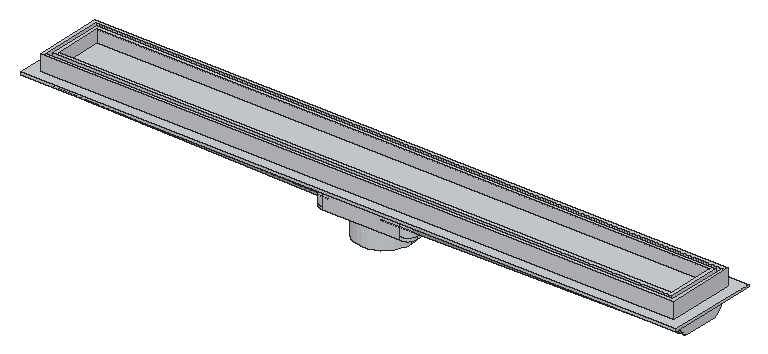
Revit family "Ralo_Linear_Invisivel", category Plumbing Fixtures, host Face, Revit 2025
Family settings
  Host = Face
  Round Connector Dimension = Use Radius
  Part Type = Normal
  Enable Cutting in Views = No
  Cut with Voids When Loaded = Yes
  Maintain Annotation Orientation = No
  Shared = No
  Room Calculation Point = No
Parameters (values of type "RALO LINEAR INVISIVEL 50CM BRANCO")
  URL = "http://www.tigre.com.br"
  Tigre: Sistema = "Esgoto"  # constant formula
  Tigre: Norma = ""
  Tigre: Material = "PVC Branco"  # constant formula
  Tigre: Marcador = "00"
  Tigre: Link do Produto = "http://www.tigre.com.br/pt/produtos_unico.php?rcr_id=4&cpr_id=10&cpr_id_pai=4&lnh_id=11&prd_id=129"
  Tigre: Linha = "Caixas e Ralos"  # constant formula
  Tigre: Fabricante = "© Tigre S/A"  # constant formula
  Tigre: Descrição = "Ralo Linear Invisível 50cm, Esgoto - TIGRE"
  Tigre: Código com Separador = "100.01.889.6"
  Tigre: Código = 100018896
  Tigre: Comentários = ""
  Raio Nominal = Diâmetro Nominal / 2  # 20.00 mm
  Model = ""
  Manufacturer = Tigre: Fabricante  # "© Tigre S/A"
  Grelha [instance] = none
  Diâmetro Nominal = 40.00 mm
  Description = Tigre: Descrição  # "Ralo Linear Invisível 50cm, Esgoto - TIGRE"
  Default Elevation = 0.00 mm
  Cota L = 503.00 mm
  Caixas e Ralos [instance] = none
Types (3, lengths in mm): name | Tigre: Descrição | Tigre: Código com Separador | Tigre: Código | Description | Cota L
  RALO LINEAR INVISIVEL 50CM BRANCO | "Ralo Linear Invisível 50cm, Esgoto - TIGRE" | "100.01.889.6" | 100018896 | "Ralo Linear Invisível 50cm, Esgoto - TIGRE" | 503.00
  RALO LINEAR INVISIVEL 70CM BRANCO | "Ralo Linear Invisível 70cm, Esgoto - TIGRE" | "100.01.889.7" | 100018897 | "Ralo Linear Invisível 70cm, Esgoto - TIGRE" | 703.00
  RALO LINEAR INVISIVEL 90CM BRANCO | "Ralo Linear Invisível 90cm, Esgoto - TIGRE" | "100.01.889.8" | 100018898 | "Ralo Linear Invisível 90cm, Esgoto - TIGRE" | 903.00
Reference planes
  plane 1 "Center (Front/Back)": y = 0
  plane 2: z = 0
  plane 3 "Center (Left/Right)": x = 0
  plane 4: z = -100
  plane 5: z = 0
  plane 6: z = -35.987
  plane 7: z = 6.5
  plane 8: z = 0
  plane 9: z = -12.46
  plane 10: z = -29.088
  plane 11: z = -32.467
  plane 12: x = -254
  plane 13: x = -251.5
  plane 14: x = 254
  plane 15: x = 251.5
  plane 16: y = 27.5
  plane 17: y = 25
  plane 18: y = -27.5
  plane 19: y = -25
  plane 20: z = -52.008
  plane 21: x = -248.499
  plane 22: y = 22
  plane 23: y = -22
  plane 24: x = 248.5
  plane 25: x = -263
  plane 26: y = 36.5
  plane 27: y = -36.5
  plane 28: x = 263
Forms (mm)
  Blend 1, solid, material <- "Caixas e Ralos", detail levels fine
    base sketch origin (0, 0, 6.5) x (0, 1, 0) y (0, 0, 1)
      loop
        line (-27.5, -6.5) -> (-27.5, -25.8) -> (-21.081, -25.8) -> (-19.697, -30.626)
        arc (-19.697, -30.626) -> (-17.023, -34.516) -> (-12.546, -36.014) r 7.439
        line (-12.546, -36.014) -> (12.546, -36.014)
        arc (12.546, -36.014) -> (17.023, -34.516) -> (19.697, -30.626) r 7.439
        line (19.697, -30.626) -> (21.081, -25.8) -> (27.5, -25.8) -> (27.5, -6.5) -> (-27.5, -6.5)
    top sketch origin (0, 0, 6.5) x (0, 1, 0) y (0, 0, 1)
      loop
        line (-27.5, -6.5) -> (-27.5, -25.8) -> (-21.081, -25.8) -> (-18.42, -35.079)
        arc (-18.42, -35.079) -> (-15.746, -38.97) -> (-11.269, -40.467) r 7.439
        line (-11.269, -40.467) -> (11.269, -40.467)
        arc (11.269, -40.467) -> (15.746, -38.97) -> (18.42, -35.079) r 7.439
        line (18.42, -35.079) -> (21.081, -25.8) -> (27.5, -25.8) -> (27.5, -6.5) -> (-27.5, -6.5)
    from 251.5 to 0
  Blend 2, void
    base sketch origin (0, 0, 6.5) x (0, 1, 0) y (0, 0, 1)
      loop
        line (-25, -6.5) -> (-25, -23.3) -> (-19.197, -23.3) -> (-17.294, -29.937)
        arc (-17.294, -29.937) -> (-15.518, -32.52) -> (-12.546, -33.514) r 4.939
        line (-12.546, -33.514) -> (12.546, -33.514)
        arc (12.546, -33.514) -> (15.518, -32.52) -> (17.294, -29.937) r 4.939
        line (17.294, -29.937) -> (19.197, -23.3) -> (25, -23.3) -> (25, -6.5) -> (-25, -6.5)
    top sketch origin (0, 0, 6.5) x (0, 1, 0) y (0, 0, 1)
      loop
        line (-25, -6.5) -> (-25, -23.3) -> (-19.197, -23.3) -> (-16.017, -34.39)
        arc (-16.017, -34.39) -> (-14.241, -36.973) -> (-11.269, -37.967) r 4.939
        line (-11.269, -37.967) -> (11.269, -37.967)
        arc (11.269, -37.967) -> (14.241, -36.973) -> (16.017, -34.39) r 4.939
        line (16.017, -34.39) -> (19.197, -23.3) -> (25, -23.3) -> (25, -6.5) -> (-25, -6.5)
    from 251.5 to 0
  Extrusion 3, solid, material <- "Caixas e Ralos", detail levels fine
    sketch origin (0, 0, 6.5) x (0, 1, 0) y (0, 0, 1)
      loop
        line (-27.5, -6.5) -> (-27.5, -25.8) -> (-21.081, -25.8) -> (-19.697, -30.626)
        arc (-19.697, -30.626) -> (-17.023, -34.516) -> (-12.546, -36.014) r 7.439
        line (-12.546, -36.014) -> (12.546, -36.014)
        arc (12.546, -36.014) -> (17.023, -34.516) -> (19.697, -30.626) r 7.439
        line (19.697, -30.626) -> (21.081, -25.8) -> (27.5, -25.8) -> (27.5, -6.5) -> (-27.5, -6.5)
    from 251.5 to 254
  Blend 4, solid, material <- "Caixas e Ralos", detail levels fine
    base sketch origin (0, 0, 6.5) x (0, 1, 0) y (0, 0, -1)
      loop
        line (-27.5, 6.5) -> (27.5, 6.5) -> (27.5, 25.8) -> (21.081, 25.8) -> (19.697, 30.626)
        arc (19.697, 30.626) -> (17.023, 34.516) -> (12.546, 36.014) r 7.439
        line (12.546, 36.014) -> (-12.546, 36.014)
        arc (-12.546, 36.014) -> (-17.023, 34.516) -> (-19.697, 30.626) r 7.439
        line (-19.697, 30.626) -> (-21.081, 25.8) -> (-27.5, 25.8) -> (-27.5, 6.5)
    top sketch origin (0, 0, 6.5) x (0, 1, 0) y (0, 0, -1)
      loop
        line (-27.5, 6.5) -> (27.5, 6.5) -> (27.5, 25.8) -> (21.081, 25.8) -> (18.42, 35.079)
        arc (18.42, 35.079) -> (15.746, 38.97) -> (11.269, 40.467) r 7.439
        line (11.269, 40.467) -> (-11.269, 40.467)
        arc (-11.269, 40.467) -> (-15.746, 38.97) -> (-18.42, 35.079) r 7.439
        line (-18.42, 35.079) -> (-21.081, 25.8) -> (-27.5, 25.8) -> (-27.5, 6.5)
    from 251.5 to 0
  Blend 5, void
    base sketch origin (0, 0, 6.5) x (0, 1, 0) y (0, 0, -1)
      loop
        line (-25, 6.5) -> (25, 6.5) -> (25, 23.3) -> (19.197, 23.3) -> (17.294, 29.937)
        arc (17.294, 29.937) -> (15.518, 32.52) -> (12.546, 33.514) r 4.939
        line (12.546, 33.514) -> (-12.546, 33.514)
        arc (-12.546, 33.514) -> (-15.518, 32.52) -> (-17.294, 29.937) r 4.939
        line (-17.294, 29.937) -> (-19.197, 23.3) -> (-25, 23.3) -> (-25, 6.5)
    top sketch origin (0, 0, 6.5) x (0, 1, 0) y (0, 0, -1)
      loop
        line (-25, 6.5) -> (25, 6.5) -> (25, 23.3) -> (19.197, 23.3) -> (16.017, 34.39)
        arc (16.017, 34.39) -> (14.241, 36.973) -> (11.269, 37.967) r 4.939
        line (11.269, 37.967) -> (-11.269, 37.967)
        arc (-11.269, 37.967) -> (-14.241, 36.973) -> (-16.017, 34.39) r 4.939
        line (-16.017, 34.39) -> (-19.197, 23.3) -> (-25, 23.3) -> (-25, 6.5)
    from 251.5 to 0
  Extrusion 6, solid, material <- "Caixas e Ralos", detail levels fine
    sketch origin (0, 0, 6.5) x (0, 1, 0) y (0, 0, -1)
      loop
        line (-27.5, 6.5) -> (27.5, 6.5) -> (27.5, 25.8) -> (21.081, 25.8) -> (19.697, 30.626)
        arc (19.697, 30.626) -> (17.023, 34.516) -> (12.546, 36.014) r 7.439
        line (12.546, 36.014) -> (-12.546, 36.014)
        arc (-12.546, 36.014) -> (-17.023, 34.516) -> (-19.697, 30.626) r 7.439
        line (-19.697, 30.626) -> (-21.081, 25.8) -> (-27.5, 25.8) -> (-27.5, 6.5)
    from 251.5 to 254
  Extrusion 7, solid, material <- "Caixas e Ralos", detail levels fine
    sketch origin (-193.051, -4572, -2.502) x (-1, 0, 0) y (0, -1, 0)
      loop
        line (-154.333, -4587.145) -> (-154.333, -4556.855)
        arc (-154.333, -4556.855) -> (-156.676, -4551.199) -> (-162.333, -4548.855) r 8
        line (-162.333, -4548.855) -> (-223.768, -4548.855)
        arc (-223.768, -4548.855) -> (-229.425, -4551.199) -> (-231.768, -4556.855) r 8
        line (-231.768, -4556.855) -> (-231.768, -4587.145)
        arc (-231.768, -4587.145) -> (-229.425, -4592.801) -> (-223.768, -4595.145) r 8
        line (-223.768, -4595.145) -> (-162.333, -4595.145)
        arc (-162.333, -4595.145) -> (-156.676, -4592.801) -> (-154.333, -4587.145) r 8
      loop
        line (-156.833, -4587.145) -> (-156.833, -4556.855)
        arc (-156.833, -4556.855) -> (-158.444, -4552.966) -> (-162.333, -4551.355) r 5.5
        line (-162.333, -4551.355) -> (-223.768, -4551.355)
        arc (-223.768, -4551.355) -> (-227.657, -4552.966) -> (-229.268, -4556.855) r 5.5
        line (-229.268, -4556.855) -> (-229.268, -4587.145)
        arc (-229.268, -4587.145) -> (-227.657, -4591.034) -> (-223.768, -4592.645) r 5.5
        line (-223.768, -4592.645) -> (-162.333, -4592.645)
        arc (-162.333, -4592.645) -> (-158.444, -4591.034) -> (-156.833, -4587.145) r 5.5
    from -30.98 to -14.298
  Extrusion 8, solid, material <- "Caixas e Ralos", detail levels fine
    sketch origin (-193.051, -4572, -2.502) x (-1, 0, 0) y (0, -1, 0)
      loop
        line (-154.333, -4587.145) -> (-154.333, -4556.855)
        arc (-154.333, -4556.855) -> (-156.676, -4551.199) -> (-162.333, -4548.855) r 8
        line (-162.333, -4548.855) -> (-223.768, -4548.855)
        arc (-223.768, -4548.855) -> (-229.425, -4551.199) -> (-231.768, -4556.855) r 8
        line (-231.768, -4556.855) -> (-231.768, -4587.145)
        arc (-231.768, -4587.145) -> (-229.425, -4592.801) -> (-223.768, -4595.145) r 8
        line (-223.768, -4595.145) -> (-162.333, -4595.145)
        arc (-162.333, -4595.145) -> (-156.676, -4592.801) -> (-154.333, -4587.145) r 8
      loop
        circle (-193.051, -4572) r 20
    from -33.484 to -30.98
  Extrusion 9, solid, material <- "Caixas e Ralos", detail levels fine
    sketch origin (-193.051, -4572, -2.502) x (-1, 0, 0) y (0, -1, 0)
      loop
        circle (-193.051, -4572) r 20
      loop
        circle (-193.051, -4572) r 22
    from -49.506 to -33.484
  Extrusion 10, void
    sketch origin (-193.051, -4572, -2.502) x (-1, 0, 0) y (0, -1, 0)
      loop
        circle (-193.051, -4572) r 19
    from -33.484 to -16.798
  Sweep 11, solid, material <- "Caixas e Ralos", detail levels fine
    path origin (-193.051, -4572, -2.502) x (-1, 0, 0) y (0, -1, 0)
      loop
        line (55.449, -4594) -> (55.449, -4550) -> (-441.551, -4550) -> (-441.551, -4594) -> (55.449, -4594)
    profile origin (-248.499, 0, -2.502) x (1, 0, 0) y (0, 0, 1)
      loop
        line (0, 2.502) -> (0, -9.958) -> (2.5, -9.958) -> (2.5, 2.502) -> (0, 2.502)
  Extrusion 12, solid, material <- "Caixas e Ralos", detail levels fine
    sketch origin (-193.051, -4572, -2.502) x (-1, 0, 0) y (0, -1, 0)
      loop
        line (52.949, -4591.5) -> (52.949, -4552.5) -> (-439.051, -4552.5) -> (-439.051, -4591.5) -> (52.949, -4591.5)
    from -9.958 to -7.46
  Extrusion 13, solid, material <- "Caixas e Ralos", detail levels fine
    sketch origin (-193.051, -4572, -2.502) x (-1, 0, 0) y (0, -1, 0)
      loop
        line (69.949, -4608.5) -> (69.949, -4535.5) -> (-456.051, -4535.5) -> (-456.051, -4608.5) -> (69.949, -4608.5)
      loop
        line (-447.051, -4599.5) -> (60.949, -4599.5) -> (60.949, -4544.5) -> (-447.051, -4544.5) -> (-447.051, -4599.5)
    from -12 to -9.958
  Extrusion 14, void
    sketch origin (-193.051, -4572, -9.002) x (-1, 0, 0) y (0, -1, 0)
      loop
        line (60.949, -4599.5) -> (60.949, -4544.5) -> (-447.051, -4544.5) -> (-447.051, -4599.5) -> (60.949, -4599.5)
    from -3.458 to 9.002
Cuts and joins
  Blend 2, Blend 5, Extrusion 10 cuts Blend 1
  Blend 5, Extrusion 10 cuts Extrusion 3
  Blend 5, Extrusion 10 cuts Blend 4
  Blend 5 cuts Extrusion 6
  joined: Blend 1, Extrusion 3, Blend 4, Extrusion 6
  joined: Sweep 11, Extrusion 12
  Blend 2, Blend 5, Extrusion 10 cuts Extrusion 7
  joined: Extrusion 7, Extrusion 8
Lines and regions (mm)
  model lines, style "Caixas e Ralos - TIGRE", detail levels coarse+medium
    curve 1: line (-254, 27.5, -12.46) -> (-254, -27.5, -12.46)
    curve 2: line (254, 27.5, -12.46) -> (-254, 27.5, -12.46)
    curve 3: line (254, -27.5, -12.46) -> (-254, -27.5, -12.46)
    curve 4: line (254, 27.5, -12.46) -> (254, -27.5, -12.46)
    curve 5: line (-248.499, 22, -12.46) -> (-248.499, -22, -12.46)
    curve 6: line (248.5, 22, -12.46) -> (-248.499, 22, -12.46)
    curve 7: line (248.5, -22, -12.46) -> (-248.499, -22, -12.46)
    curve 8: line (248.5, 22, -12.46) -> (248.5, -22, -12.46)
    curve 9: circle (0, 0, -12.46) r 20 normal (0, 0, 1)
Dimensions and locks
  equal spacing: plane 19, plane 1 "Center (Front/Back)", plane 17
  plane 19 to plane 17 = 50.00 mm
  locked: plane 17 to plane 16 at 2.5
  locked: plane 19 to plane 18 at 2.5
  equal spacing: plane 13, plane 3 "Center (Left/Right)", plane 15
  "Cota L": plane 13 to plane 15
  locked: plane 12 to plane 13 at 2.5
  locked: plane 15 to plane 14 at 2.5
  locked: plane 13 to plane 21 at 3.001
  locked: plane 24 to plane 15 at 3
  locked: plane 22 to plane 17 at 3
  locked: plane 23 to plane 19 at 3
  locked: plane 25 to plane 12 at 9
  locked: plane 14 to plane 28 at 9
  locked: plane 16 to plane 26 at 9
  locked: plane 18 to plane 27 at 9
  aligned and locked: plane 2 to host face
  aligned and locked: level to host face
  aligned and locked: Blend 1 sketch curve to plane 5
  aligned and locked: Blend 1 sketch curve to plane 16
  aligned and locked: Blend 1 sketch curve to plane 18
  aligned and locked: Blend 1 to plane 15
  aligned and locked: Blend 1 to plane 3 "Center (Left/Right)"
  aligned and locked: Blend 2 sketch curve to plane 5
  aligned and locked: plane 5 to Blend 2 sketch curve
  aligned and locked: plane 8 to Extrusion 3 sketch curve
  aligned and locked: Extrusion 3 to plane 14
  aligned and locked: plane 15 to Extrusion 3
  aligned and locked: cut or joined group of Blend 1, Blend 2, Extrusion 3, Blend 4, Blend 5, Extrusion 6, Extrusion 10 to plane 12
  aligned and locked: plane 13 to cut or joined group of Blend 1, Blend 2, Extrusion 3, Blend 4, Blend 5, Extrusion 6, Extrusion 10
  aligned and locked: plane 6 to Extrusion 8
  aligned and locked: Extrusion 7 to Extrusion 8
  aligned and locked: Extrusion 9 to plane 6
  aligned and locked: plane 20 to Extrusion 9
  aligned and locked: plane 6 to Extrusion 10
  aligned and locked: Sweep 11 sketch curve to plane 23
  aligned and locked: Sweep 11 sketch curve to plane 24
  aligned and locked: Sweep 11 sketch curve to plane 22
  aligned and locked: Sweep 11 sketch curve to plane 21
  aligned and locked: profile plane to Sweep 11 sketch curve
  aligned and locked: plane 9 to Sweep 11 sketch curve
  aligned and locked: Extrusion 12 sketch curve to Sweep 11  (x4)
  aligned and locked: plane 9 to Extrusion 12
  aligned and locked: Blend 5 to plane 13
  aligned and locked: Blend 4 to plane 13
  aligned and locked: Blend 2 to plane 15
  aligned and locked: plane 27 to Extrusion 13 sketch curve
  aligned and locked: plane 26 to Extrusion 13 sketch curve
  aligned and locked: plane 25 to Extrusion 13 sketch curve
  aligned and locked: plane 28 to Extrusion 13 sketch curve
  aligned and locked: Extrusion 13 sketch curve to plane 12
  aligned and locked: Extrusion 13 sketch curve to plane 18
  aligned and locked: Extrusion 13 sketch curve to plane 16
  aligned and locked: Extrusion 13 sketch curve to plane 14
  aligned and locked: Extrusion 13 to plane 9
  aligned and locked: curve 2 to plane 16
  aligned and locked: plane 18 to curve 3
  aligned and locked: plane 14 to curve 4
  aligned and locked: curve 1 to plane 12
  aligned and locked: curve 5 to plane 21
  aligned and locked: curve 6 to plane 22
  aligned and locked: plane 23 to curve 7
  aligned and locked: plane 24 to curve 8
  aligned and locked: plane 16 to Extrusion 14 sketch curve
  aligned and locked: plane 18 to Extrusion 14 sketch curve
  aligned and locked: Extrusion 14 to cut or joined group of Blend 1, Blend 2, Extrusion 3, Blend 4, Blend 5, Extrusion 6, Extrusion 10  (x2)
  aligned and locked: host face to Extrusion 14
Automatic sketch dimensions
  host sketch curve to host sketch curve = 567.092 mm
  host sketch curve to host sketch curve = 124.77 mm
  plane 19 to Blend 1 sketch curve = 3.919 mm  (x2)
  Blend 1 sketch curve to Blend 1 sketch curve = 1.384 mm
  Blend 1 sketch curve to Blend 1 sketch curve = 7.151 mm  (x3)
  plane 10 to Blend 1 sketch curve = 0.427 mm
  plane 17 to Blend 1 sketch curve = 12.454 mm
  plane 17 to Blend 1 sketch curve = 5.303 mm
  plane 17 to Blend 1 sketch curve = 3.919 mm  (x2)
  Blend 1 sketch curve to plane 10 = 4.962 mm  (x2)
  Blend 1 sketch curve to Blend 1 sketch curve = 4.826 mm
  plane 9 to Blend 1 sketch curve = 6.84 mm  (x3)
  Blend 1 sketch curve to plane 18 = 0.00 mm
  Blend 1 sketch curve to plane 16 = 0.00 mm
  Blend 1 sketch curve to plane 5 = 0.00 mm
  Blend 1 sketch curve to plane 10 = 0.509 mm  (x2)
  plane 19 to Blend 1 sketch curve = 6.58 mm
  Blend 1 sketch curve to plane 10 = 2.559 mm
  Blend 1 sketch curve to plane 1 "Center (Front/Back)" = 11.269 mm
  Blend 2 sketch curve to plane 19 = 0.00 mm  (x2)
  Blend 2 sketch curve to plane 17 = 0.00 mm  (x2)
  plane 19 to Blend 2 sketch curve = 5.803 mm  (x2)
  Blend 2 sketch curve to Blend 2 sketch curve = 1.903 mm
  Blend 2 sketch curve to plane 10 = 2.073 mm
  Blend 2 sketch curve to Blend 2 sketch curve = 4.748 mm  (x4)
  plane 17 to Blend 2 sketch curve = 12.454 mm
  Blend 2 sketch curve to plane 10 = 5.651 mm  (x2)
  plane 17 to Blend 2 sketch curve = 5.803 mm  (x2)
  plane 9 to Blend 2 sketch curve = 4.34 mm  (x4)
  Blend 2 sketch curve to plane 10 = 1.198 mm  (x2)
  plane 19 to Blend 2 sketch curve = 8.983 mm
  Blend 2 sketch curve to plane 10 = 2.559 mm
  Blend 2 sketch curve to plane 1 "Center (Front/Back)" = 11.269 mm
  plane 19 to Extrusion 3 sketch curve = 3.919 mm
  Extrusion 3 sketch curve to Extrusion 3 sketch curve = 1.384 mm
  Extrusion 3 sketch curve to Extrusion 3 sketch curve = 7.151 mm
  plane 17 to Extrusion 3 sketch curve = 12.454 mm
  plane 17 to Extrusion 3 sketch curve = 5.303 mm
  plane 17 to Extrusion 3 sketch curve = 3.919 mm
  Extrusion 3 sketch curve to plane 10 = 4.962 mm  (x2)
  Extrusion 3 sketch curve to Extrusion 3 sketch curve = 4.826 mm
  plane 9 to Extrusion 3 sketch curve = 6.84 mm
  Blend 4 sketch curve to plane 18 = 0.00 mm  (x2)
  Blend 4 sketch curve to plane 16 = 0.00 mm  (x2)
  Blend 4 sketch curve to plane 5 = 0.00 mm  (x2)
  plane 19 to Blend 4 sketch curve = 3.919 mm  (x2)
  Blend 4 sketch curve to Blend 4 sketch curve = 1.384 mm
  Blend 4 sketch curve to Blend 4 sketch curve = 7.151 mm  (x3)
  plane 10 to Blend 4 sketch curve = 0.427 mm
  plane 17 to Blend 4 sketch curve = 12.454 mm
  plane 17 to Blend 4 sketch curve = 5.303 mm
  plane 17 to Blend 4 sketch curve = 3.919 mm  (x2)
  plane 9 to Blend 4 sketch curve = 6.84 mm  (x4)
  Blend 4 sketch curve to Blend 4 sketch curve = 7.439 mm  (x2)
  Blend 4 sketch curve to plane 10 = 0.509 mm  (x2)
  plane 19 to Blend 4 sketch curve = 6.58 mm
  Blend 4 sketch curve to plane 10 = 2.559 mm
  Blend 4 sketch curve to plane 1 "Center (Front/Back)" = 11.269 mm
  Blend 5 sketch curve to plane 5 = 0.00 mm  (x2)
  Blend 5 sketch curve to plane 19 = 0.00 mm  (x2)
  Blend 5 sketch curve to plane 17 = 0.00 mm  (x2)
  plane 19 to Blend 5 sketch curve = 5.803 mm  (x2)
  Blend 5 sketch curve to Blend 5 sketch curve = 1.903 mm
  Blend 5 sketch curve to plane 10 = 2.073 mm
  Blend 5 sketch curve to Blend 5 sketch curve = 4.748 mm  (x4)
  plane 17 to Blend 5 sketch curve = 12.454 mm
  Blend 5 sketch curve to plane 10 = 5.651 mm
  plane 17 to Blend 5 sketch curve = 5.803 mm  (x2)
  plane 9 to Blend 5 sketch curve = 4.34 mm  (x4)
  Blend 5 sketch curve to Blend 5 sketch curve = 4.939 mm
  Blend 5 sketch curve to plane 10 = 1.198 mm  (x2)
  plane 19 to Blend 5 sketch curve = 8.983 mm
  Blend 5 sketch curve to plane 10 = 2.559 mm
  Blend 5 sketch curve to plane 1 "Center (Front/Back)" = 11.269 mm
  Extrusion 6 sketch curve to plane 5 = 0.00 mm
  Extrusion 6 sketch curve to plane 18 = 0.00 mm
  Extrusion 6 sketch curve to plane 16 = 0.00 mm
  plane 19 to Extrusion 6 sketch curve = 3.919 mm
  Extrusion 6 sketch curve to Extrusion 6 sketch curve = 1.384 mm
  plane 10 to Extrusion 6 sketch curve = 0.427 mm
  Extrusion 6 sketch curve to Extrusion 6 sketch curve = 7.151 mm
  plane 17 to Extrusion 6 sketch curve = 12.454 mm
  plane 17 to Extrusion 6 sketch curve = 5.303 mm
  plane 17 to Extrusion 6 sketch curve = 3.919 mm
  plane 9 to Extrusion 6 sketch curve = 6.84 mm  (x2)
  Extrusion 6 sketch curve to Extrusion 6 sketch curve = 7.439 mm  (x2)
  Extrusion 3 sketch curve to plane 18 = 0.00 mm
  Extrusion 3 sketch curve to plane 16 = 0.00 mm
  plane 10 to Extrusion 3 sketch curve = 0.427 mm
  plane 17 to Extrusion 7 sketch curve = 9.855 mm
  plane 3 "Center (Left/Right)" to Extrusion 7 sketch curve = 38.718 mm
  Extrusion 7 sketch curve to Extrusion 7 sketch curve = 8.00 mm  (x2)
  plane 17 to Extrusion 7 sketch curve = 1.855 mm
  Extrusion 7 sketch curve to plane 3 "Center (Left/Right)" = 30.718 mm  (x2)
  plane 19 to Extrusion 7 sketch curve = 1.855 mm
  Extrusion 7 sketch curve to Extrusion 7 sketch curve = 0.00 mm  (x7)
  Extrusion 7 sketch curve to Extrusion 7 sketch curve = 2.50 mm
  plane 1 "Center (Front/Back)" to Extrusion 8 sketch curve = 0.00 mm
  Extrusion 8 sketch curve to plane 3 "Center (Left/Right)" = 0.00 mm
  plane 19 to Extrusion 8 sketch curve = 9.855 mm  (x2)
  Extrusion 8 sketch curve to plane 3 "Center (Left/Right)" = 30.718 mm
  plane 3 "Center (Left/Right)" to Extrusion 8 sketch curve = 30.718 mm
  Extrusion 8 sketch curve to Extrusion 8 sketch curve = 0.00 mm
  Extrusion 8 sketch curve to Extrusion 8 sketch curve = 8.00 mm  (x2)
  plane 17 to Extrusion 8 sketch curve = 1.855 mm
  Extrusion 9 sketch curve to Extrusion 9 sketch curve = 0.00 mm  (x2)
  plane 1 "Center (Front/Back)" to Extrusion 9 sketch curve = 0.00 mm
  Extrusion 9 sketch curve to plane 3 "Center (Left/Right)" = 0.00 mm
  plane 1 "Center (Front/Back)" to Extrusion 10 sketch curve = 0.00 mm
  Extrusion 10 sketch curve to plane 3 "Center (Left/Right)" = 0.00 mm
  profile plane to Sweep 11 sketch curve = 2.502 mm
  Sweep 11 sketch curve to profile plane = 2.50 mm
  plane 1 "Center (Front/Back)" to curve 9 = 0.00 mm
  curve 9 to plane 3 "Center (Left/Right)" = 0.00 mm
  Extrusion 14 sketch curve to plane 24 = 5.50 mm
  Extrusion 14 sketch curve to plane 21 = 5.501 mm
  radius of Extrusion 8 sketch curve = 20.00 mm
  radius of Extrusion 9 sketch curve = 20.00 mm
  radius of Extrusion 9 sketch curve = 22.00 mm
  radius of Extrusion 10 sketch curve = 19.00 mm
  radius of curve 9 = 20.00 mm
Connectors
  piping at (0, 0, -35.987), diameter 40, driven by "Raio Nominal"
    settings: on cut or joined group of Blend 2, Blend 5, Extrusion 7, Extrusion 8, Extrusion 10, index 1, connector inside diameter 609.60 mm, connector length 0.00 mm, flow factor 0, pipe flow 0 GPM, pressure drop 0.00 psi, fitting loss kfactor 0, connector angle 0.00°, fixture units 0, engagement length 0.00 mm, angle of deflection 0.00°, flow configuration 0, flow direction 0, fitting loss method 0, system type 28, joint type 0, gender type 0, connector reference index -1, connector utility 0, adjustable connector no, is connector primary yes, connector description ""
